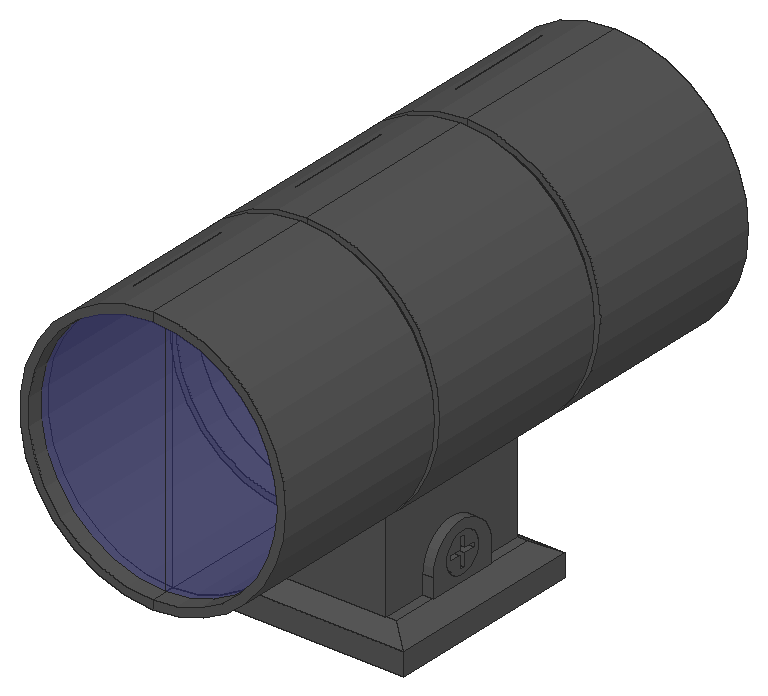
Revit family "CARLO CYLINDER LIGHT WALL MOUNT", category Lighting Fixtures, host Face, Revit 2020 (continued)
Types (10): name | Wattage_Input | Wattage Comments | Wattage | Photometric Web File | built-in parameter 1150142 | Model | built-in parameter 1150105 | Lumens | Light Length 1 | LIGHT RADIUS | LIGHT PLACEMENT | LIGHT LENGTH | LIGHT DIA | built-in parameter 1150106 | FIXED END HEIGHT | Curve base Height | Base Curve | BEAMING ANGLE | Apparent Load
    926 0.20619 0.18237 0.15998 0.14165 0.1251 0.10805 \r\n 0.093093 0.08358 0.074859 0.061982 0.049191 0.039901 0.031639 0.022102 0.0142 0.011482 \r\n 0.0097271 0.004584 0 0 0 0 0 0 0 0 \r\n 0 0 0 0 0 0 0 0 0 0 \r\n 0 0 0 0 0 0 0 0 0 0 \r\n 0 0 0 0 0 0 0.000045 0.0020507 0.0044876 0.0059382 \r\n 0.007985 0.01219 0.017195 0.021981 0.027087 0.032194 0.038855 0.049128 0.061181 0.073872 \r\n 0.087185 0.10055 0.11449 0.12897 0.14506 0.16417 0.18523 0.20725 0.2313 0.25856 \r\n 0.28758 0.31761 0.34771 0.37508 0.40588 0.44775 0.49346 0.53815 0.58242 0.62173 \r\n 0.66671 0.73082 0.80107 0.86909 0.93448 0.98808 1.0477 1.136 1.2292 1.3064 \r\n 1.3804 1.454 1.5361 1.6423 1.7545 1.8558 1.9579 2.0662 2.1828 2.3184 \r\n 2.452 2.5565 2.6605 2.783 2.9265 3.104 3.3025 3.5142 3.7366 3.9642 \r\n 4.1981 4.4344 4.6826 4.9555 5.2396 5.5002 5.8143 6.2557 6.7999 7.472 \r\n 8.1967 8.8366 9.6031 10.389 12.013 15.388 20.115 26.31 33.333 40.48 \r\n 48.065 56.244 64.778 73.593 82.352 90.658 98.617 106.3 113.41 119.65 \r\n 125.11 129.91 133.7 135.85 137.41 139.34 141.25 142.97 144.72 146.64 \r\n 148.71 150.97 153.36 155.83 158.5 161.5 164.79 168.35 172.28 176.63 \r\n 181.61 187.38 194.09 201.74 210.9 222.54 235.4 248.09 261.97 278.32 \r\n 296.01 314.45 333.34 351.99 371.03 391 411.53 432.6 453.7 474.09 \r\n 494.52 515.79 537.02 557.39 577.55 597.99 618.36 638.65 658.25 676.28 \r\n 693.55 710.54 727.32 744.35 760.91 776.4 790.84 803.92 816.01 827.46 \r\n 838.02 847.45 856.02 864.01 871.2 877.39 882.71 887.26 890.93 893.61 \r\n 896.17 \r\n892.81 892.2 889.23 885.28 880.72 876.04 870.66 864.01 856.55 848.72 \r\n 839.91 829.6 817.87 804.39 789.98 775.37 760.49 745.66 730.44 714.58 \r\n 697.87 679.77 661 642.17 623.04 603.56 583.66 563.07 542.39 522.42 \r\n 502.24 480.87 459.37 438.59 418.13 397.9 377.83 357.71 337.94 318.8 \r\n 300.37 282.68 266.11 251.08 237.46 225.22 214.43 205.24 197.31 190.35 \r\n 184.3 179.06 174.49 170.41 166.75 163.38 160.3 157.48 154.91 152.57 \r\n 150.42 148.4 146.46 144.51 142.56 140.6 138.6 136.9 134.26 129.04 \r\n 122.87 117.29 111.07 103.12 94.561 86.289 77.917 69.26 60.607 52.143 \r\n 43.997 36.293 29.241 23.018 17.835 14.006 11.388 10.215 9.6786 8.9666 \r\n 8.3195 7.6929 7.1296 6.6754 6.2762 5.8953 5.5259 5.1319 4.764 4.4765 \r\n 4.2233 3.9718 3.7351 3.5187 3.3129 3.1025 2.911 2.7644 2.6401 2.5269 \r\n 2.417 2.2936 2.1732 2.0725 1.9745 1.8631 1.7526 1.6523 1.5609 1.4846 \r\n 1.4106 1.3235 1.2375 1.1643 1.0955 1.0257 0.95806 0.89442 0.83367 0.77505 \r\n 0.71945 0.66794 0.61921 0.57212 0.52722 0.48513 0.44453 0.40315 0.36445 0.33248 \r\n 0.30322 0.27827 0.25539 0.2329 0.21078 0.18778 0.16589 0.14719 0.1301 0.11272 \r\n 0.098067 0.090788 0.0841 0.070611 0.056796 0.048002 0.040215 0.029983 0.020962 0.017188 \r\n 0.014063 0.0066003 0 0 0 0 0 0 0 0 \r\n 0 0 0 0 0 0 0 0 0 0 \r\n 0 0 0 0 0 0 0 0 0 0 \r\n 0 0 0 0 0 0 0.000014 0.00065627 0.0014108 0.0016106 \r\n 0.0023254 0.0046124 0.007842 0.011847 0.016298 0.019907 0.025389 0.035959 0.048829 0.062488 \r\n 0.076328 0.088518 0.10121 0.11603 0.13275 0.15199 0.17286 0.19397 0.21743 0.24591 \r\n 0.27634 0.30656 0.33645 0.36322 0.39314 0.43411 0.47837 0.5199 0.56127 0.60015 \r\n 0.64526 0.70902 0.77812 0.84259 0.90483 0.95904 1.02 1.1081 1.2006 1.2767 \r\n 1.3498 1.4238 1.5057 1.6088 1.7175 1.8172 1.9184 2.0268 2.143 2.2763 \r\n 2.4063 2.5054 2.6037 2.7204 2.8603 3.0404 3.2436 3.4602 3.6848 3.9042 \r\n 4.1321 4.3759 4.6411 4.9425 5.2591 5.5503 5.8895 6.3418 6.8919 7.5719 \r\n 8.3053 8.969 9.7358 10.45 11.974 15.262 19.876 25.895 32.713 39.615 \r\n 47.013 55.202 63.817 72.702 81.528 89.858 97.852 105.61 112.88 119.54 \r\n 125.37 130.11 133.76 135.95 137.56 139.51 141.42 143.14 144.88 146.8 \r\n 148.88 151.14 153.54 156 158.67 161.71 165.06 168.64 172.58 176.91 \r\n 181.87 187.65 194.35 201.88 210.99 222.97 236.1 248.4 261.83 278.13 \r\n 295.9 314.42 333.39 352.04 371.07 391.03 411.61 432.88 454.17 474.48 \r\n 494.8 516.11 537.4 557.78 577.92 598.26 618.58 639.1 658.95 676.98 \r\n 694.15 711.01 727.68 744.77 761.4 776.84 791.21 804.25 816.33 827.93 \r\n 838.58 847.78 856.1 864.07 871.28 877.37 882.61 887.2 890.92 893.62 \r\n 896.17 \r\n892.81 892.14 889.1 885.16 880.61 875.83 870.33 863.64 856.11 848.15 \r\n 839.2 828.84 817.09 803.5 789 774.39 759.5 744.53 729.16 713.2 \r\n 696.39 678.19 659.31 640.38 621.14 601.58 581.61 560.92 540.15 520.21 \r\n 500.06 478.57 456.94 436.18 415.77 395.53 375.46 355.35 335.59 316.47 \r\n 298.06 280.41 263.87 248.74 235.11 223.29 212.96 203.96 196.13 189.26 \r\n 183.28 178.13 173.63 169.6 165.98 162.67 159.64 156.86 154.33 152.04 \r\n 149.92 147.9 145.96 144.01 142.07 140.15 138.18 136.5 133.84 128.41 \r\n 122.08 116.57 110.44 102.37 93.693 85.474 77.184 68.52 59.87 51.506 \r\n 43.475 35.825 28.82 22.678 17.59 13.883 11.375 10.251 9.7351 9.0297 \r\n 8.3817 7.7613 7.2017 6.7435 6.3341 5.9371 5.5447 5.1147 4.7135 4.4117 \r\n 4.1541 3.9063 3.6766 3.4641 3.2614 3.0524 2.8627 2.721 2.6017 2.4905 \r\n 2.382 2.2605 2.1428 2.0469 1.9527 1.8392 1.7269 1.6319 1.5466 1.472 \r\n 1.3986 1.3122 1.2274 1.1577 1.0925 1.0242 0.95717 0.89309 0.832 0.77474 \r\n 0.72064 0.6694 0.62059 0.57362 0.52864 0.48584 0.44461 0.40343 0.36527 0.33409 \r\n 0.30539 0.2802 0.25696 0.23459 0.21288 0.1908 0.16972 0.15099 0.13362 0.11593 \r\n 0.10128 0.095134 0.089554 0.075912 0.061744 0.053295 0.045802 0.035275 0.025645 0.021053 \r\n 0.016887 0.0079705 0.00013208 0 0 0 0 0 0 0 \r\n 0 0 0 0 0 0 0 0 0 0 \r\n 0 0 0 0 0 0 0 0 0 0 \r\n 0 0 0 0 0 0 0 0 0 0 \r\n 0 0.0012356 0.003481 0.0072428 0.011559 0.014532 0.019478 0.030163 0.043348 0.057292 \r\n 0.071272 0.083086 0.09543 0.11056 0.1276 0.14661 0.16711 0.1879 0.21125 0.24029 \r\n 0.27132 0.30161 0.33142 0.35807 0.3876 0.4277 0.47073 0.51046 0.55038 0.59107 \r\n 0.63507 0.69723 0.76428 0.82694 0.88808 0.94318 1.005 1.092 1.1831 1.2593 \r\n 1.3327 1.4071 1.4884 1.5877 1.6927 1.7926 1.8947 2.0023 2.117 2.2481 \r\n 2.3754 2.472 2.5674 2.6794 2.8158 2.9971 3.2031 3.4221 3.6476 3.862 \r\n 4.0865 4.3355 4.6127 4.9365 5.2779 5.5895 5.944 6.4015 6.9526 7.6327 \r\n 8.3669 9.0465 9.8088 10.46 11.885 15.048 19.51 25.344 31.979 38.723 \r\n 46.005 54.165 62.788 71.674 80.52 88.901 96.976 104.84 112.27 119.16 \r\n 125.2 130.01 133.7 135.94 137.6 139.56 141.47 143.19 144.94 146.86 \r\n 148.94 151.2 153.6 156.04 158.71 161.77 165.14 168.73 172.67 177 \r\n 181.94 187.72 194.4 201.84 210.87 222.92 236.08 248.2 261.42 277.7 \r\n 295.52 314.07 333.09 351.79 370.87 390.86 411.45 432.78 454.12 474.5 \r\n 494.86 516.12 537.37 557.81 578 598.25 618.49 639.11 659.09 677.19 \r\n 694.4 711.18 727.75 744.77 761.36 776.8 791.2 804.27 816.4 828.11 \r\n 838.82 847.92 856.1 864.02 871.19 877.23 882.44 887.07 890.87 893.62 \r\n 896.17 \r\n892.81 892.3 889.19 885.23 880.63 875.71 870.07 863.36 855.82 847.71 \r\n 838.61 828.17 816.38 802.86 788.4 773.7 758.68 743.58 728.09 712.06 \r\n 695.2 676.93 657.96 638.91 619.56 599.95 579.93 559.15 538.31 518.36 \r\n 498.19 476.6 454.88 434.16 413.8 393.53 373.43 353.35 333.64 314.55 \r\n 296.17 278.53 262 246.92 233.4 221.81 211.72 202.87 195.14 188.37 \r\n 182.48 177.39 172.94 168.95 165.37 162.1 159.11 156.37 153.87 151.6 \r\n 149.49 147.47 145.51 143.57 141.66 139.77 137.81 136.13 133.45 127.95 \r\n 121.55 116.07 109.98 101.87 93.137 84.864 76.541 67.897 59.3 51.026 \r\n 43.088 35.489 28.528 22.442 17.417 13.786 11.343 10.248 9.7417 9.0369 \r\n 8.3837 7.7596 7.1945 6.7269 6.3095 5.9131 5.5213 5.0829 4.673 4.3694 \r\n 4.1132 3.8689 3.643 3.4317 3.23 3.0229 2.8359 2.699 2.5841 2.4743 \r\n 2.3661 2.2449 2.1277 2.0335 1.9406 1.8253 1.7117 1.6199 1.5384 1.4644 \r\n 1.3907 1.3045 1.2201 1.1507 1.086 1.0191 0.95283 0.88745 0.82496 0.76808 \r\n 0.71477 0.66387 0.61538 0.56886 0.52446 0.48234 0.442 0.40223 0.36536 0.33457 \r\n 0.30597 0.28054 0.2569 0.23397 0.21204 0.19095 0.171 0.15265 0.13531 0.11733 \r\n 0.10233 0.09606 0.090534 0.077261 0.0635 0.055214 0.047804 0.037431 0.027783 0.022695 \r\n 0.017891 0.0084096 0.00014675 0 0 0 0 0 0 0 \r\n 0 0 0 0 0 0 0 0 0 0 \r\n 0 0 0 0 0 0 0 0 0 0 \r\n 0 0 0 0 0 0 0 0 0 0.00019806 \r\n 0.00089504 0.0023923 0.0048864 0.0090418 0.013757 0.017078 0.022227 0.032802 0.045714 0.059175 \r\n 0.072868 0.085213 0.098215 0.11362 0.13063 0.14898 0.16889 0.19003 0.21382 0.24264 \r\n 0.27336 0.3036 0.33347 0.36046 0.39004 0.42904 0.47089 0.51026 0.5502 0.59147 \r\n 0.63561 0.69574 0.76086 0.82394 0.88617 0.9424 1.0047 1.0893 1.1783 1.2559 \r\n 1.3312 1.4059 1.486 1.5808 1.6821 1.7843 1.8891 1.9949 2.1067 2.2359 \r\n 2.3619 2.4592 2.5547 2.6634 2.7964 2.9774 3.1837 3.4023 3.6271 3.8401 \r\n 4.0646 4.3159 4.5994 4.9381 5.2945 5.614 5.9717 6.4276 6.9733 7.6446 \r\n 8.3704 9.0568 9.8077 10.401 11.72 14.709 18.974 24.616 31.094 37.778 \r\n 45.027 53.113 61.662 70.474 79.29 87.75 95.956 103.98 111.55 118.44 \r\n 124.51 129.56 133.48 135.81 137.49 139.46 141.37 143.11 144.86 146.8 \r\n 148.88 151.13 153.51 155.95 158.61 161.65 165 168.58 172.52 176.85 \r\n 181.79 187.54 194.16 201.55 210.48 222.28 235.23 247.35 260.65 276.97 \r\n 294.8 313.33 332.35 351.17 370.37 390.41 411 432.2 453.46 474.06 \r\n 494.63 515.75 536.83 557.39 577.72 597.91 618.05 638.6 658.57 676.85 \r\n 694.22 710.99 727.46 744.28 760.71 776.22 790.74 803.92 816.17 827.94 \r\n 838.7 847.82 856 863.83 870.91 876.95 882.2 886.88 890.75 893.61 \r\n 896.17 \r\n892.81 892.6 889.41 885.41 880.76 875.64 869.84 863.15 855.63 847.37 \r\n 838.09 827.54 815.72 802.35 788.02 773.18 757.95 742.73 727.15 711.07 \r\n 694.17 675.84 656.79 637.62 618.15 598.5 578.46 557.59 536.66 516.68 \r\n 496.48 474.8 453.01 432.34 412.04 391.74 371.59 351.56 331.91 312.88 \r\n 294.53 276.87 260.34 245.38 232.01 220.56 210.61 201.88 194.27 187.6 \r\n 181.8 176.76 172.35 168.39 164.84 161.59 158.65 155.95 153.48 151.21 \r\n 149.09 147.05 145.08 143.17 141.29 139.41 137.47 135.78 133.08 127.58 \r\n 121.17 115.71 109.63 101.54 92.782 84.396 75.974 67.363 58.847 50.66 \r\n 42.805 35.258 28.337 22.287 17.297 13.715 11.316 10.234 9.7299 9.0231 \r\n 8.3633 7.7297 7.1538 6.6731 6.248 5.8611 5.4824 5.0492 4.6421 4.3408 \r\n 4.0865 3.8458 3.6227 3.4111 3.2088 3.0037 2.8199 2.6877 2.577 2.4683 \r\n 2.36 2.2383 2.1204 2.0263 1.9331 1.8162 1.7016 1.6121 1.5331 1.4591 \r\n 1.3849 1.2989 1.2143 1.1435 1.0777 1.012 0.94694 0.87969 0.81503 0.75795 \r\n 0.70504 0.65448 0.60652 0.56068 0.51724 0.47654 0.43792 0.4004 0.36538 0.33482 \r\n 0.30612 0.28037 0.25621 0.23228 0.20977 0.18979 0.17125 0.15351 0.13637 0.11811 \r\n 0.10256 0.095425 0.089328 0.076738 0.063849 0.055644 0.048212 0.038268 0.028925 0.02343 \r\n 0.018103 0.0084637 0.00015751 0 0 0 0 0 0 0 \r\n 0 0 0 0 0 0 0 0 0 0 \r\n 0 0 0 0 0 0 0 0 0 0 \r\n 0 0 0 0 0 0 0 0 0 0.0016497 \r\n 0.0039858 0.0063273 0.0094779 0.014425 0.019938 0.024178 0.029951 0.040335 0.052671 0.065166 \r\n 0.078286 0.091717 0.10601 0.12169 0.13849 0.15593 0.17513 0.19704 0.22162 0.24979 \r\n 0.27967 0.30977 0.33978 0.36737 0.39715 0.43455 0.47476 0.51425 0.55472 0.59632 \r\n 0.64048 0.69924 0.76343 0.82819 0.89261 0.95033 1.0129 1.0945 1.1808 1.2605 \r\n 1.3384 1.4136 1.4924 1.5821 1.6793 1.7848 1.8935 1.997 2.1053 2.2325 \r\n 2.3578 2.4574 2.5549 2.661 2.7907 2.9707 3.1763 3.3928 3.616 3.8296 \r\n 4.0556 4.3076 4.5945 4.9452 5.3134 5.6361 5.9927 6.4449 6.9834 7.6408 \r\n 8.3528 9.0411 9.7811 10.334 11.564 14.364 18.412 23.852 30.179 36.862 \r\n 44.125 52.113 60.537 69.222 77.971 86.53 94.899 103.12 110.81 117.58 \r\n 123.57 128.92 133.2 135.63 137.33 139.3 141.2 142.96 144.73 146.68 \r\n 148.76 151 153.36 155.79 158.44 161.45 164.77 168.33 172.27 176.61 \r\n 181.55 187.26 193.82 201.18 210 221.38 233.97 246.23 259.77 276.14 \r\n 293.97 312.45 331.44 350.43 369.81 389.91 410.47 431.42 452.52 473.45 \r\n 494.34 515.25 536.09 556.8 577.31 597.45 617.46 637.84 657.71 676.23 \r\n 693.85 710.64 727 743.55 759.74 775.33 790.05 803.39 815.78 827.6 \r\n 838.39 847.63 855.88 863.59 870.53 876.6 881.92 886.66 890.6 893.6 \r\n 896.17 \r\n892.81 893.03 889.76 885.72 880.98 875.64 869.64 863 855.54 847.11 \r\n 837.63 826.95 815.11 801.99 787.86 772.83 757.33 741.98 726.33 710.22 \r\n 693.3 674.92 655.8 636.5 616.91 597.24 577.19 556.23 535.22 515.18 \r\n 494.93 473.16 451.32 430.72 410.51 390.15 369.94 349.97 330.41 311.45 \r\n 293.15 275.44 258.89 244.12 230.96 219.55 209.62 200.99 193.49 186.94 \r\n 181.23 176.24 171.84 167.9 164.38 161.16 158.24 155.58 153.14 150.86 \r\n 148.72 146.66 144.68 142.8 140.95 139.09 137.14 135.44 132.74 127.29 \r\n 120.96 115.49 109.4 101.37 92.631 84.069 75.483 66.917 58.51 50.406 \r\n 42.626 35.133 28.248 22.211 17.229 13.672 11.293 10.212 9.6998 8.988 \r\n 8.3203 7.6718 7.0794 6.582 6.1496 5.7811 5.428 5.0136 4.621 4.3257 \r\n 4.0741 3.8369 3.6158 3.4022 3.1979 2.9948 2.8146 2.687 2.5802 2.4725 \r\n 2.3638 2.2408 2.121 2.0252 1.9305 1.812 1.6966 1.6085 1.5309 1.4563 \r\n 1.381 1.2952 1.2102 1.1361 1.0674 1.0031 0.93952 0.86981 0.80223 0.74435 \r\n 0.69145 0.64124 0.59401 0.54907 0.50699 0.46844 0.43239 0.39792 0.36533 0.33485 \r\n 0.30583 0.27969 0.25488 0.22952 0.20608 0.18733 0.17047 0.15359 0.1368 0.11829 \r\n 0.10198 0.09323 0.085936 0.074345 0.06279 0.054584 0.047027 0.037785 0.029071 0.02326 \r\n 0.017524 0.0081327 0.00016436 0 0 0 0 0 0 0 \r\n 0 0 0 0 0 0 0 0 0 0 \r\n 0 0 0 0 0 0 0 0 0 0 \r\n 0 0 0 0 0 0 0 0 0 0.0040245 \r\n 0.009072 0.012928 0.017255 0.023406 0.030101 0.03583 0.042649 0.052762 0.064219 0.075265 \r\n 0.087525 0.1026 0.1188 0.13477 0.15116 0.16746 0.18582 0.20893 0.23465 0.26175 \r\n 0.29025 0.32012 0.35036 0.37882 0.40894 0.44422 0.48237 0.52242 0.56394 0.60662 \r\n 0.65388 0.71009 0.77199 0.83944 0.90741 0.96696 1.0297 1.1075 1.1906 1.273 \r\n 1.3544 1.4302 1.5076 1.5915 1.6841 1.7943 1.908 2.0088 2.1129 2.2379 \r\n 2.3629 2.4667 2.568 2.6722 2.7986 2.977 3.1808 3.3937 3.6144 3.8303 \r\n 4.0593 4.3104 4.5979 4.9579 5.3345 5.6558 6.0069 6.4536 6.9827 7.6211 \r\n 8.3144 8.9995 9.729 10.26 11.416 14.013 17.826 23.052 29.235 35.974 \r\n 43.3 51.164 59.413 67.917 76.563 85.242 93.808 102.24 110.06 116.57 \r\n 122.36 128.1 132.84 135.39 137.12 139.08 140.96 142.74 144.54 146.51 \r\n 148.6 150.81 153.15 155.57 158.2 161.17 164.43 167.97 171.9 176.26 \r\n 181.21 186.88 193.38 200.73 209.42 220.21 232.31 244.83 258.77 275.23 \r\n 293.04 311.42 330.37 349.57 369.18 389.36 409.87 430.46 451.31 472.66 \r\n 493.97 514.62 535.13 556.03 576.78 596.87 616.73 636.82 656.52 675.33 \r\n 693.31 710.15 726.39 742.56 758.44 774.14 789.11 802.67 815.23 827.09 \r\n 837.91 847.34 855.73 863.28 870.06 876.18 881.62 886.41 890.44 893.6 \r\n 896.17 \r\n892.81 893.6 890.26 886.14 881.29 875.7 869.49 862.93 855.55 846.95 \r\n 837.24 826.41 814.53 801.76 787.93 772.66 756.81 741.33 725.62 709.51 \r\n 692.59 674.17 654.99 635.55 615.84 596.17 576.11 555.08 533.96 513.85 \r\n 493.54 471.69 449.81 429.31 409.19 388.76 368.48 348.59 329.13 310.26 \r\n 292.01 274.23 257.66 243.15 230.24 218.78 208.76 200.21 192.83 186.4 \r\n 180.79 175.81 171.42 167.5 164 160.8 157.9 155.28 152.86 150.56 \r\n 148.38 146.29 144.3 142.46 140.66 138.8 136.84 135.11 132.41 127.1 \r\n 120.89 115.41 109.29 101.36 92.681 83.884 75.067 66.561 58.29 50.266 \r\n 42.552 35.114 28.261 22.216 17.214 13.656 11.276 10.18 9.6514 8.9319 \r\n 8.2549 7.5857 6.9714 6.4536 6.0143 5.6731 5.358 4.9761 4.6096 4.3243 \r\n 4.0759 3.8423 3.6222 3.4049 3.1972 2.9962 2.8201 2.697 2.5939 2.487 \r\n 2.3774 2.2522 2.1295 2.0303 1.9326 1.8127 1.6967 1.609 1.5316 1.4558 \r\n 1.3792 1.2934 1.2077 1.1285 1.0551 0.99231 0.93056 0.8578 0.78654 0.72728 \r\n 0.674 0.62415 0.57786 0.53479 0.49371 0.45806 0.4254 0.39479 0.36521 0.33465 \r\n 0.3051 0.2785 0.25292 0.2257 0.20097 0.18357 0.16866 0.15286 0.1366 0.11785 \r\n 0.10059 0.089474 0.080359 0.070081 0.060323 0.052035 0.044248 0.035983 0.028219 0.022184 \r\n 0.016153 0.0074167 0.00016729 0 0 0 0 0 0 0 \r\n 0 0 0 0 0 0 0 0 0 0 \r\n 0 0 0 0 0 0 0 0 0 0 \r\n 0 0 0 0 0 0 0 0 0.00016729 0.0074167 \r\n 0.016153 0.022184 0.028219 0.035983 0.044248 0.052035 0.060323 0.070081 0.080359 0.089474 \r\n 0.10059 0.11785 0.1366 0.15286 0.16866 0.18357 0.20097 0.2257 0.25292 0.2785 \r\n 0.3051 0.33465 0.36521 0.39479 0.4254 0.45806 0.49371 0.53479 0.57786 0.62415 \r\n 0.674 0.72728 0.78654 0.8578 0.93056 0.99231 1.0551 1.1285 1.2077 1.2934 \r\n 1.3792 1.4558 1.5316 1.609 1.6967 1.8127 1.9326 2.0303 2.1295 2.2522 \r\n 2.3774 2.487 2.5939 2.697 2.8201 2.9962 3.1972 3.4049 3.6222 3.8423 \r\n 4.0759 4.3243 4.6096 4.9761 5.358 5.6731 6.0143 6.4536 6.9714 7.5857 \r\n 8.2549 8.9319 9.6514 10.18 11.276 13.656 17.214 22.216 28.
